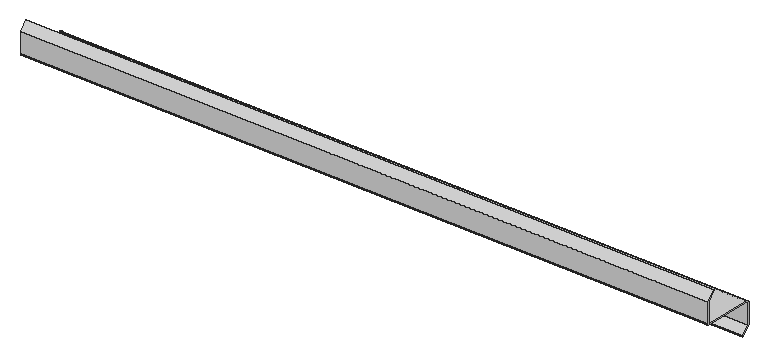
Revit family "f8b2e533ac8545d2b060c2ad99947941", category Structural Framing, Revit 2021
Family settings
  Structural Framing Length Roundoff = 0' - 0"
  Section Shape = Not Defined
  Material for Model Behavior = Steel
  Always export as geometry = No
  OmniClass Number = 23.25.30.11.14.14
  OmniClass Title = Beams
  Seek Item ID = Light Gauge-Zees-0000-USA-ENU
  Always vertical = Yes
  Cut with Voids When Loaded = No
  Symbolic Representation = From Project Settings
  Shared = No
  Show family pre-cut in plan views = Yes
Parameters (values of type "Z3.5 x 1.5")
  t1 = if((t / 0.95 * 0' 1" / 1000) < 0' 0 1/32", 0' 0 1/32", (t / 0.95 * 0' 1" / 1000))  # 0' - 0 1/32"
  t = 0.0598
  d = 0' - 0 1/2"
  W = 0
  Structural Material [instance] = Metal - Light Gauge
  D = 0' - 1 1/2"
  B = 0' - 3 1/2"
  Assembly Code = "B10"
  Length [instance] = 5' - 0"
  A = 0.00 in²
Reference planes (in)
  plane 1 "Center (Front/Back)": y = 0
  plane 2: z = 0
  plane 3 "Center (Left/Right)": x = 0.0003
  plane 4 "Member Left": x = -23.8185
  plane 5 "Member Right": x = 24.1815
  plane 6 "Top": z = 2
  plane 7: z = -2
  plane 8 "Left": x = -29.8185
  plane 9 "Right": x = 30.1815
  plane 10: y = -1.75
  plane 11: z = -1.5
  plane 12: z = 1.5
  plane 13: y = 1.75
  plane 14: y = -1.25
  plane 15: y = 1.25
Forms (in)
  Sweep 1, solid, material "Metal - Light Gauge" <- "Structural Material", detail levels fine
    path origin (0, 0.00061, 0) x (1, 0, 0) y (0, 1, 0)
      loop
        line (24.1815, -0.00061) -> (-23.8185, -0.00061)
    profile origin (0.1815, 0, 0) x (0, -1, 0) y (0, 0, 1)
      loop
        line (1.75, 1.5) -> (1.25, 2) -> (1.2279, 1.9779) -> (1.71875, 1.48706) -> (1.71875, 0.09375)
        arc (1.71875, 0.09375) -> (1.70044, 0.04956) -> (1.65625, 0.03125) r 0.0625
        line (1.65625, 0.03125) -> (-1.65625, 0.03125)
        arc (-1.65625, 0.03125) -> (-1.72254, 0.00379) -> (-1.75, -0.0625) r 0.09375
        line (-1.75, -0.0625) -> (-1.75, -1.5) -> (-1.25, -2) -> (-1.2279, -1.9779) -> (-1.71875, -1.48706) -> (-1.71875, -0.0625)
        arc (-1.71875, -0.0625) -> (-1.70044, -0.01831) -> (-1.65625, 0) r 0.0625
        line (-1.65625, 0) -> (1.65625, 0)
        arc (1.65625, 0) -> (1.72254, 0.02746) -> (1.75, 0.09375) r 0.09375
        line (1.75, 0.09375) -> (1.75, 1.5)
  Sweep 2, solid, material "Metal - Light Gauge" <- "Structural Material", detail levels medium
    path origin (0, 0.00061, 0) x (1, 0, 0) y (0, 1, 0)
      loop
        line (24.1815, -0.00061) -> (-23.8185, -0.00061)
    profile origin (0.1815, 0, 0) x (0, -1, 0) y (0, 0, 1)
      loop
        line (1.75, 1.5) -> (1.25, 2) -> (1.2279, 1.9779) -> (1.71875, 1.48706) -> (1.71875, 0.03125) -> (-1.75, 0.03125) -> (-1.75, -1.5) -> (-1.25, -2) -> (-1.2279, -1.9779) -> (-1.71875, -1.48706) -> (-1.71875, 0) -> (1.75, 0) -> (1.75, 1.5)
Lines and regions (in)
  symbolic lines, style "Hidden Faces", detail levels medium+fine
    curve 1: line (-23.8185, 0.1875, 1.9779) -> (24.1815, 0.1875, 1.9779)
    curve 2: line (-23.8185, 0.1875, -1.9779) -> (24.1815, 0.1875, -1.9779)
    curve 3: line (-23.8185, -1.71875, 0) -> (24.1815, -1.71875, 0)
    curve 4: line (24.1815, 0, -1.48706) -> (-23.8185, 0, -1.48706)
    curve 5: line (24.1815, 0, 1.5) -> (-23.8185, 0, 1.5)
    curve 6: line (24.1815, 0, 0.03125) -> (-23.8185, 0, 0.03125)
    curve 12: line (24.1815, 0, -1.5) -> (-23.8185, 0, -1.5)
    curve 13: line (24.1815, 0, 1.48706) -> (-23.8185, 0, 1.48706)
    curve 14: line (24.1815, 0, 0) -> (-23.8185, 0, 0)
    curve 15: line (-23.8185, 1.71875, 0) -> (24.1815, 1.71875, 0)
    curve 16: line (-23.8185, 1.25, 0) -> (24.1815, 1.25, 0)
    curve 17: line (-23.8185, 1.21875, 0) -> (24.1815, 1.21875, 0)
  symbolic lines, style "Stick Symbols", detail levels coarse
    curve 7: line (-29.8185, 1.25, -2) -> (-29.8185, 1.75, -1.5)
    curve 8: line (-29.8185, 1.75, -1.5) -> (-29.8185, 1.75, 0)
    curve 9: line (-29.8185, 1.75, 0) -> (-29.8185, -1.75, 0)
    curve 10: line (-29.8185, -1.75, 0) -> (-29.8185, -1.75, 1.5)
    curve 11: line (-29.8185, -1.75, 1.5) -> (-29.8185, -1.25, 2)
Dimensions and locks (in)
  "Length": plane 8 "Left" to plane 9 "Right"
  "d": plane 7 to plane 11
  "d": plane 12 to plane 6 "Top"
  "d": plane 14 to plane 10
  "d": plane 13 to plane 15
  equal spacing: plane 13, plane 1 "Center (Front/Back)", plane 10
  "B": plane 13 to plane 10
  "D": level to plane 12
  "D": level to plane 11
  "t1": Sweep 1 sketch curve to Sweep 1 sketch curve  (x5)
  "t1": Sweep 1 to curve 3
  "t1": curve 17 to plane 15
  "t1": Sweep 2 sketch curve to Sweep 2 sketch curve  (x5)
  aligned and locked: level to plane 2
  aligned and locked: Sweep 1 sketch curve to plane 13
  aligned and locked: level to Sweep 1 sketch curve
  aligned and locked: Sweep 1 sketch curve to plane 10
  aligned and locked: plane 14 to Sweep 1 sketch curve
  aligned and locked: plane 6 "Top" to Sweep 1 sketch curve
  aligned and locked: plane 7 to Sweep 1 sketch curve
  aligned and locked: plane 15 to Sweep 1 sketch curve
  aligned and locked: curve 9 to level
  aligned and locked: plane 10 to curve 10
  aligned and locked: Sweep 1 to curve 12
  aligned and locked: Sweep 1 to curve 13
  aligned and locked: plane 12 to curve 5
  aligned and locked: Sweep 1 to curve 14
  aligned and locked: Sweep 1 to curve 1
  aligned and locked: curve 13 to Sweep 1
  aligned and locked: curve 4 to Sweep 1
  aligned and locked: plane 11 to curve 7
  aligned and locked: plane 12 to curve 10
  aligned and locked: plane 11 to Sweep 1 sketch curve
  aligned and locked: plane 12 to Sweep 1 sketch curve
  aligned and locked: level to Sweep 2 sketch curve
  aligned and locked: Sweep 2 sketch curve to plane 10
  aligned and locked: Sweep 2 sketch curve to curve 11
  aligned and locked: Sweep 2 sketch curve to curve 7
  aligned and locked: Sweep 2 sketch curve to plane 13
  aligned and locked: plane 7 to Sweep 2 sketch curve
  aligned and locked: plane 6 "Top" to Sweep 2 sketch curve
  aligned and locked: plane 14 to Sweep 2 sketch curve
  aligned and locked: plane 4 "Member Left" to Sweep 2 sketch curve
  aligned and locked: plane 5 "Member Right" to Sweep 2 sketch curve
  aligned and locked: plane 4 "Member Left" to Sweep 1 sketch curve
  aligned and locked: plane 5 "Member Right" to Sweep 1 sketch curve
  aligned and locked: plane 4 "Member Left" to curve 15
  aligned and locked: plane 4 "Member Left" to curve 16
  aligned and locked: plane 4 "Member Left" to curve 17
  aligned and locked: plane 4 "Member Left" to curve 3
  aligned and locked: plane 5 "Member Right" to curve 15
  aligned and locked: plane 5 "Member Right" to curve 16
  aligned and locked: plane 5 "Member Right" to curve 17
  aligned and locked: plane 5 "Member Right" to curve 3
  aligned and locked: plane 4 "Member Left" to curve 1
  aligned and locked: plane 4 "Member Left" to curve 5
  aligned and locked: plane 4 "Member Left" to curve 13
  aligned and locked: plane 4 "Member Left" to curve 6
  aligned and locked: plane 4 "Member Left" to curve 14
  aligned and locked: plane 4 "Member Left" to curve 4
  aligned and locked: plane 4 "Member Left" to curve 2
  aligned and locked: plane 5 "Member Right" to curve 5
  aligned and locked: plane 5 "Member Right" to curve 6
  aligned and locked: plane 5 "Member Right" to curve 12
  aligned and locked: plane 5 "Member Right" to curve 4
  aligned and locked: plane 5 "Member Right" to curve 2
Automatic sketch dimensions
  Sweep 1 sketch curve to plane 1 "Center (Front/Back)" = 0' - 0"
  Sweep 1 sketch curve to Sweep 1 sketch curve = 0' - 0"  (x5)
  Sweep 1 sketch curve to level = 0' - 0 1/16"
  Sweep 1 sketch curve to Sweep 1 sketch curve = 0' - 0 1/16"
  curve 7 to plane 13 = 0' - 0"
  curve 7 to plane 7 = 0' - 0"
  curve 7 to plane 15 = 0' - 0"
  curve 11 to plane 14 = 0' - 0"
  curve 14 to level = 0' - 0"
  curve 12 to plane 11 = 0' - 0"
  plane 6 "Top" to curve 1 = 0' - 0.0221"
  curve 2 to plane 7 = 0' - 0.0221"
  curve 16 to plane 15 = 0' - 0"
  plane 13 to curve 15 = 0' - 0 1/32"
  level to curve 6 = 0' - 0 1/32"
  curve 11 to plane 6 "Top" = 0' - 0"
  Sweep 2 sketch curve to plane 1 "Center (Front/Back)" = 0' - 0"
